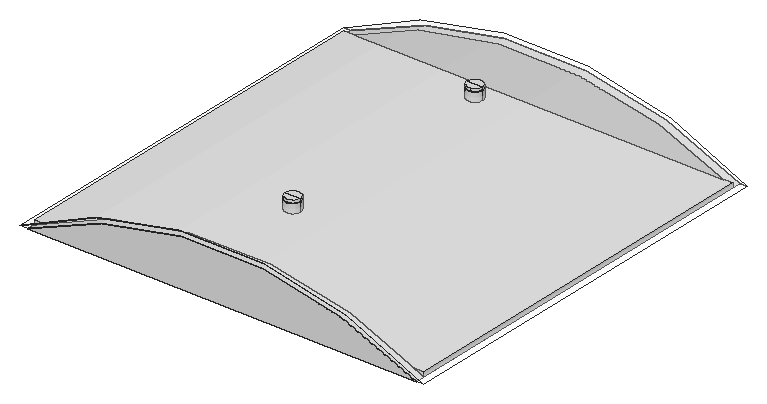
Revit family "P350211-009", category Lighting Fixtures, host Face, Revit 2021
Family settings
  Host = Face
  Round Connector Dimension = Use Diameter
  Part Type = Normal
  OmniClass Number = 23.80.70.11.14.11
  OmniClass Title = Downlights
  Cut with Voids When Loaded = No
  Light Source = Yes
  Shared = No
  Room Calculation Point = No
Parameters (values of type "P710102-060-30")
  Wattage Comments = "10W"
  Wattage = 10 W
  Warranty = "5 year warranty"  # constant formula
  built-in parameter 1150110 = 1 (stored number, unit not read)
  Voltage = 120 V
  built-in parameter 1114217 = 1 (stored number, unit not read)
  Tilt Angle = 180.00°
  built-in parameter 1150109 = 1 (stored number, unit not read)
  built-in parameter 1150134 = 3
  built-in parameter 1150113 = 1 (stored number, unit not read)
  Photometric Web File = "PROG_P710102-060-30_20.00259_testlabreports.ies"
  built-in parameter 1150105 = 118.21 (stored number, unit not read)
  Lumens = 1485.42 lm
  built-in parameter 1150115 = 1 (stored number, unit not read)
  built-in parameter 1150137 = (empty or 0)
  built-in parameter 1150139 = (empty or 0)
  built-in parameter 1150112 = 1 (stored number, unit not read)
  built-in parameter 1150114 = 1 (stored number, unit not read)
  built-in parameter 1150132 = (empty or 0)
  built-in parameter 1150102 = (empty or 0)
  built-in parameter 1150107 = 3200 (stored number, unit not read)
  built-in parameter 1150138 = (empty or 0)
  built-in parameter 1150106 = 1.1821 (stored number, unit not read)
  Housing Material = Paint - Hubbell - White Texture
  Gold = Paint - Hubbell - White Texture
  Glass = Glass - Hubbell - White
  Features = "Bring a touch of contemporary design with the Curve LED Collection 1-Light Opal White Shade LED Modern Wall Light. The opal white shade designed with an arching acrylic shade is accented by two finals that add visual interest. Comes with a set of three finals for customization (matte black, brushed nickel, and architectural bronze).The light source glows from behind the curved shade to foster a contemporary glow.\r\nCurve LED Collection 1-Light Modern Opal White Shade Sconce\r\nApplication: Bring a touch of contemporary design with the Curve LED Collection 1-Light Opal White Shade LED Modern Wall Light ideal for any entryway, hallway, foyer, bedroom, sitting room living room, or bathroom.\r\nStyles: Perfect for contemporary and modern style settings.\r\nFinish: The opal white shade designed with an arching acrylic shade is accented by two finals that add visual interest\r\ncomes with a set of three finals for customization (matte black, brushed nickel, and architectural bronze).\r\nMaterials: Constructed from steel to ensure a long product lifespan.\r\nGlass/Shades: The light source glows from behind the curved shade to foster a contemporary glow.\r\nBulbs: For ideal illumination, 1 integrated LED is included (10w)\r\n3000K\r\n90CRI\r\n744 delivered lumens\r\ndimmable.\r\nDimensions: Measures 8-inch diameter by 8-inch height.\r\nCertifications: cETLus damp location listed, meets California Title 24 JA8-2019.\r\nPairs With: Pairs with a variety of Progress Lighting fixtures."  # constant formula
  built-in parameter 1150104 = 13.8 (stored number, unit not read)
  Dimming Lamp Color Temperature Shift = <None>
  Copyright = "© 2021 Progress Lighting, a division of Hubbell Lighting, Inc"  # constant formula
  Contact us = "https://www.hubbell.com/progresslighting/en/contactUs"
  Color Filter = 16777215
  Certifications = "• cCSAus certified to UL 1598\r\n• Wall Mount: Suitable for wet locations\r\n• Surface & Pendant Mount: Suitable for wet\r\nlocations under covered ceiling\r\n• Cord Mount and all Wall Wash: Suitable for\r\ndamp locations"  # constant formula
  URL = "https://www.hubbell.com/progresslighting/en"
  Product Page URL = "https://www.hubbell.com/progresslighting/en/Products/Lighting-Controls/Residential-Indoor-Lighting/LED/Curve-LED-One-Light-White-Opal-Acrylic-Modern-Style-Wall-Sconce-Light/p/6668796"
  Product Documentation Link = "https://hubbellcdn.com/specsheet/PROG_P710102-060-30_spec.pdf"
  Model = "P710102-060-30\r"  # constant formula
  Manufacturer = "Progress Lighting"  # constant formula
  Lamp = "LED/CFL/incandescent"
  Description = "Curve LED One-Light White Opal Acrylic Modern Style Wall Sconce Light"  # constant formula
  Default Elevation = 48.000"
  built-in parameter 1114218 = 1 (stored number, unit not read)
  built-in parameter 1150133 = 10 (stored number, unit not read)
  Apparent Load = 10 VA  # constant formula
Reference planes (in)
  plane 1 "Center (Front/Back)": y = 0
  plane 2: z = 0
  plane 3 "Center (Left/Right)": x = 0
  plane 4: z = 1.375
  plane 5: y = 1
  plane 6: y = -1
  plane 7: z = 0.25
  plane 8: z = 10
  plane 9: x = 4
  plane 10: x = -4
Forms (in)
  Extrusion 1, solid, material "Glass - Hubbell - White" <- "Glass"
    sketch origin (0, 0, 0) x (1, 0, 0) y (0, 0, 1)
      loop
        line (-4, 0) -> (-3.85, 0)
        arc (-3.85, 0) -> (0, 0.96662) -> (3.85, 0) r 8.15051
        line (3.85, 0) -> (4, 0)
        arc (4, 0) -> (0, 1.06935) -> (-4, 0) r 8.01582
    from -4 to 4
  Extrusion 2, solid, material "Paint - Hubbell - White Texture" <- "Housing Material"
    sketch origin (0, 0, 0) x (1, 0, 0) y (0, 0, 1)
      loop
        line (-3.85, 0) -> (3.85, 0)
        arc (3.85, 0) -> (0, 0.96662) -> (-3.85, 0) r 8.15051
    from 3.81166 to 4
  Extrusion 3, solid, material "Paint - Hubbell - White Texture" <- "Housing Material"
    sketch origin (0, 0, 0) x (1, 0, 0) y (0, 0, -1)
      loop
        arc (-3.85, 0) -> (0, -0.96662) -> (3.85, 0) r 8.15051
        line (3.85, 0) -> (-3.85, 0)
    from 3.81166 to 4
  Extrusion 4, solid, material "Paint - Hubbell - White Texture" <- "Housing Material"
    sketch origin (0, 0, 36) x (0, 1, 0) y (-1, 0, 0)
      loop
        line (3.81166, -3.85) -> (3.81166, 3.85) -> (-3.81166, 3.85) -> (-3.81166, -3.85) -> (3.81166, -3.85)
    from -36 to -35.91071
  Revolve 5, solid, material "Paint - Hubbell - White Texture" <- "Gold"
    sketch origin (0, 2.25, 0) x (1, 0, 0) y (0, 0, 1)
      loop
        line (0, 1.17695) -> (0, 0.94554) -> (0.14862, 0.94554) -> (0.14862, 1.10873) -> (0.10838, 1.10873) -> (0.10838, 1.13993) -> (0.14862, 1.13993) -> (0.14862, 1.17695) -> (0, 1.17695)
      axis (0, 1.17695) -> (0, 0.94554)
    angle from 0 to 360
  Revolve 6, solid, material "Paint - Hubbell - White Texture" <- "Gold"
    sketch origin (0, -2.25, 0) x (1, 0, 0) y (0, 0, -1)
      loop
        line (0, -1.17695) -> (0.14862, -1.17695) -> (0.14862, -1.13993) -> (0.10838, -1.13993) -> (0.10838, -1.10873) -> (0.14862, -1.10873) -> (0.14862, -0.94554) -> (0, -0.94554) -> (0, -1.17695)
      axis (0, -1.17695) -> (0, -0.94554)
    angle from 0 to 360
Dimensions and locks (in)
  plane 4 to host face = 1.375"
  plane 5 to plane 1 "Center (Front/Back)" to plane 6 = 1.000" locked, 1.000" locked
  locked: plane 7 to level at 0.25
  aligned and locked: plane 2 to host face
Connectors (in)
  electrical at (0, 0, 0), driven by "Description", driven by "Voltage", driven by "Apparent Load"
    settings: index 1, voltage 120 V, apparent load 10 VA, apparent load phase1 0 VA, apparent load phase2 0 VA, apparent load phase3 0 VA, power factor 1, load classification "Other", number of poles 1, system type 30, power factor state 1, is connector primary yes, connector utility no, sub classification motor no, connector description "Curve LED One-Light White Opal Acrylic Modern Style Wall Sconce Light"
